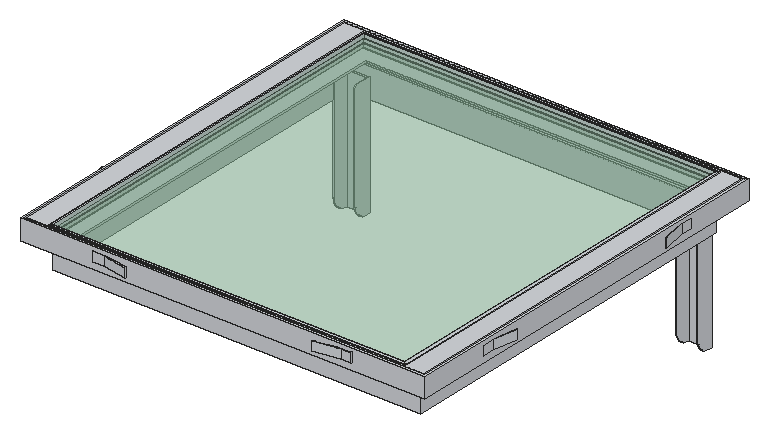
Revit family "gorter_WAG-1000-1000", category Generic Models, host Floor, Revit 2017
Family settings
  Host = Floor
  Can host rebar = No
  Round Connector Dimension = Use Diameter
  Part Type = Normal
  Always vertical = Yes
  Cut with Voids When Loaded = No
  Shared = Yes
  Room Calculation Point = No
Parameters (values of type "WAG-1000-1000")
  kitvoeg = none
  glasplaat = Glass
  frame = none
  WAG-1000-2000 (ankers) = A = 2000 mm  # no
  C = 400 mm
  B = 1000 mm
  A = 1000 mm
Types (3, lengths in mm): name | WAG-1000-2000 (ankers) | A
  (no name) | no | 1000
  WAG-1000-2000 | yes | 2000
  WAG-1000-1000 | no | 1000
Reference planes
  plane 1 "Center (Front/Back)": y = 0
  plane 2: z = 0
  plane 3 "Center (Left/Right)": x = 0
  plane 4: y = 500
  plane 5: y = -500
  plane 6: x = -500
  plane 7: x = 500
  plane 8: z = -400
  plane 9: x = -555
  plane 10: y = 555
  plane 11: x = 555
  plane 12: y = -555
  plane 13: x = -532.5
  plane 14: x = 532.5
  plane 15: y = 532.5
  plane 16: y = -532.5
  plane 17: z = -32.5
  plane 18: z = -39
  plane 19: z = -22.5
  plane 20: z = -21
  plane 21: z = -11
  plane 22: z = -9.5
  plane 23: z = 0.5
  plane 24: x = -482.5
  plane 25: x = 482.5
  plane 26: x = 505
  plane 27: y = 505
  plane 28: x = -505
  plane 29: y = -505
  plane 30: z = -75
  plane 31: x = 440
  plane 32: x = -440
  plane 33: y = 355
  plane 34: z = -10
  plane 35: y = -355
  plane 36: x = 355
  plane 37: x = -355
  plane 38: x = 355
  plane 39: x = -355
Forms (mm)
  Extrusion 1, void
    sketch origin (0, 0, 0) x (1, 0, 0) y (0, 1, 0)
      loop
        line (-505, 505) -> (-505, -505) -> (505, -505) -> (505, 505) -> (-505, 505)
    from -400 to 0
  Sweep 2, solid, material <- "frame"
    path origin (0, 0, 0) x (1, 0, 0) y (0, 1, 0)
      loop
        line (-500, 500) -> (-500, -500) -> (500, -500) -> (500, 500) -> (-500, 500)
    profile "WAG_randprofiel : WAG_randprofiel" origin (-500, 0, 0) x (-1, 0, 0) y (0, 0, 1)
      loop
        line (0, -50) -> (0, -130) -> (5, -130) -> (5, -55) -> (55, -55) -> (55, 0) -> (50, 0) -> (50, -50) -> (0, -50)
  Sweep 3, void
    path origin (0, 0, 0) x (1, 0, 0) y (0, 1, 0)
      loop
        line (-500, 500) -> (-500, -500) -> (500, -500) -> (500, 500) -> (-500, 500)
    profile origin (-500, 0, 0) x (-1, 0, 0) y (0, 0, 1)
      loop
        line (0, 0) -> (0, -130) -> (55, -130) -> (55, 0) -> (0, 0)
  Sweep 4, solid, material <- "frame"
    path origin (0, 0, 0) x (1, 0, 0) y (0, 1, 0)
      loop
        line (-450, 500) -> (-450, -500) -> (450, -500) -> (450, 500) -> (-450, 500)
    profile "WAG_binnenprofiel : WAG_binnenprofiel" origin (-450, 0, 0) x (-1, 0, 0) y (0, 0, 1)
      loop
        line (0, -39) -> (0, -44) -> (45, -44) -> (45, 0) -> (40, 0) -> (40, -39) -> (0, -39)
  Sweep 5, solid, material <- "kitvoeg"
    path origin (0, 0, 0) x (1, 0, 0) y (0, 1, 0)
      loop
        line (450, 500) -> (-450, 500) -> (-450, -500) -> (450, -500) -> (450, 500)
    profile "WAG_kitvoeg : WAG_kitvoeg" origin (-450, 0, 0) x (1, 0, 0) y (0, 0, 1)
      loop
        line (-32.5, 0.388) -> (-40, 0) -> (-40, -9.56) -> (-32.5, -9.56) -> (-32.5, 0.388)
  Extrusion 6, solid, material "Glass" <- "glasplaat"
    sketch origin (0, 0, 0) x (1, 0, 0) y (0, 1, 0)
      loop
        line (-482.5, 532.5) -> (-482.5, -532.5) -> (482.5, -532.5) -> (482.5, 532.5) -> (-482.5, 532.5)
    from -32.5 to -22.5
  Extrusion 7, solid, material "Glass" <- "glasplaat"
    sketch origin (0, 0, 12.439) x (1, 0, 0) y (0, 1, 0)
      loop
        line (-482.5, 532.5) -> (-482.5, -532.5) -> (482.5, -532.5) -> (482.5, 532.5) -> (-482.5, 532.5)
    from -33.439 to -23.439
  Extrusion 8, solid, material "Glass" <- "glasplaat"
    sketch origin (3.081, 0, 23.939) x (1, 0, 0) y (0, 1, 0)
      loop
        line (-485.581, 532.5) -> (-485.581, -532.5) -> (479.419, -532.5) -> (479.419, 532.5) -> (-485.581, 532.5)
    from -33.439 to -23.439
  Extrusion 9, solid, material <- "frame"
    sketch origin (0, 0, 0) x (1, 0, 0) y (0, 1, 0)
      loop
        line (-495, 545) -> (-545, 545) -> (-545, -545) -> (-495, -545) -> (-495, 545)
    from -44 to 0
  Extrusion 10, solid, material <- "frame"
    sketch origin (0, 0, 0) x (-1, 0, 0) y (0, -1, 0)
      loop
        line (-495, -545) -> (-495, 545) -> (-545, 545) -> (-545, -545) -> (-495, -545)
    from -44 to 0
  Extrusion 11, solid, material <- "frame"
    sketch origin (-505, 2233.875, 4000) x (0, 1, 0) y (0, 0, 1)
      loop
        line (-1743.875, -4410) -> (-1733.875, -4410) -> (-1733.875, -4075) -> (-1773.875, -4075)
        arc (-1773.875, -4075) -> (-1780.946, -4077.929) -> (-1783.875, -4085) r 10
        line (-1783.875, -4085) -> (-1783.875, -4370)
        arc (-1783.875, -4370) -> (-1772.16, -4398.284) -> (-1743.875, -4410) r 40
    from 945 to 1005
  Extrusion 12, void
    sketch origin (0, 0, 0) x (1, 0, 0) y (0, 1, 0)
      loop
        line (443, 492) -> (443, 450) -> (497, 450) -> (497, 492) -> (443, 492)
    from -410 to -75
  Extrusion 13, solid, material <- "frame"
    sketch origin (505, 2233.875, 4000) x (0, 1, 0) y (0, 0, -1)
      loop
        arc (-1743.875, 4410) -> (-1772.16, 4398.284) -> (-1783.875, 4370) r 40
        line (-1783.875, 4370) -> (-1783.875, 4085)
        arc (-1783.875, 4085) -> (-1780.946, 4077.929) -> (-1773.875, 4075) r 10
        line (-1773.875, 4075) -> (-1733.875, 4075) -> (-1733.875, 4410) -> (-1743.875, 4410)
    from 945 to 1005
  Extrusion 14, void
    sketch origin (0, 0, 0) x (-1, 0, 0) y (0, -1, 0)
      loop
        line (443, -492) -> (497, -492) -> (497, -450) -> (443, -450) -> (443, -492)
    from -410 to -75
Cuts and joins
  Extrusion 12 cuts Sweep 4
  Extrusion 12 cuts Extrusion 9
  Extrusion 12 cuts Extrusion 10
  joined: Sweep 4, Extrusion 9, Extrusion 10
  Extrusion 12 cuts Sweep 5
  Extrusion 12 cuts Extrusion 8
  Extrusion 12, Extrusion 14 cuts Extrusion 11
  Extrusion 14 cuts Extrusion 13
Lines and regions (mm)
  model lines, style "glasgebied"
    curve 1: line (-400, 490, 0.5) -> (400, 490, 0.5)
    curve 2: line (-440, -450, 0.5) -> (-440, 450, 0.5)
    curve 3: line (400, -490, 0.5) -> (-400, -490, 0.5)
    curve 4: line (440, 450, 0.5) -> (440, -450, 0.5)
    curve 5: arc (-400, 490, 0.5) -> (-428.284, 478.284, 0.5) -> (-440, 450, 0.5) r 40
    curve 6: arc (400, 490, 0.5) -> (428.284, 478.284, 0.5) -> (440, 450, 0.5) r 40
    curve 7: arc (400, -490, 0.5) -> (428.284, -478.284, 0.5) -> (440, -450, 0.5) r 40
    curve 8: arc (-400, -490, 0.5) -> (-428.284, -478.284, 0.5) -> (-440, -450, 0.5) r 40
  model lines, style "draairichting"
    curve 9: line (-545, 545, 0.5) -> (0, -545, 0.5)
    curve 10: line (0, -545, 0.5) -> (550, 550, 0.5)
Dimensions and locks
  equal spacing: plane 6, plane 3 "Center (Left/Right)", plane 7
  "A": plane 6 to plane 7
  equal spacing: plane 5, plane 1 "Center (Front/Back)", plane 4
  "B": plane 5 to plane 4
  "C": level to plane 8
  locked: plane 12 to plane 5 at 55
  locked: plane 9 to plane 6 at 55
  locked: plane 7 to plane 11 at 55
  locked: plane 10 to plane 4 at 55
  locked: plane 16 to plane 5 at 32.5
  locked: plane 15 to plane 4 at 32.5
  locked: plane 13 to plane 6 at 32.5
  locked: plane 7 to plane 14 at 32.5
  locked: level to plane 18 at 39
  plane 23 to plane 22 to plane 21 to plane 20 to plane 19 to plane 17 to plane 18 = 10 mm locked, 1.5 mm locked, 10 mm locked, 1.5 mm locked, 10 mm locked, 6.5 mm locked
  locked: plane 9 to plane 24 at 72.5
  locked: Sweep 5 sketch curve to plane 7 at 50
  locked: plane 6 to Sweep 5 sketch curve at 50
  Sweep 2 to Sweep 5 = 65 mm
  locked: plane 25 to plane 11 at 72.5
  locked: plane 6 to Sweep 4 sketch curve at 50
  locked: Sweep 4 sketch curve to plane 7 at 50
  locked: plane 9 to Extrusion 9 sketch curve at 10
  locked: plane 10 to Extrusion 9 sketch curve at 10
  locked: Extrusion 9 sketch curve to plane 12 at 10
  locked: plane 9 to Sweep 4 at 60
  locked: plane 9 to Extrusion 9 sketch curve at 60
  locked: plane 10 to Extrusion 10 sketch curve at 10
  locked: Extrusion 10 sketch curve to plane 12 at 10
  locked: Extrusion 10 sketch curve to plane 11 at 10
  locked: Extrusion 10 sketch curve to plane 11 at 60
  Extrusion 10 sketch curve to plane 11 = 10 mm
  locked: plane 12 to plane 29 at 50
  locked: plane 10 to plane 27 at 50
  locked: plane 9 to plane 28 at 50
  locked: plane 26 to plane 11 at 50
  Sweep 2 to plane 30 = 25 mm
  locked: level to plane 30 at 75
  plane 7 to plane 31 = 60 mm
  locked: Extrusion 11 sketch curve to plane 30 at 335
  plane 4 to Extrusion 12 sketch curve = 8 mm
  locked: plane 31 to Extrusion 12 sketch curve at 3
  locked: Extrusion 12 sketch curve to plane 7 at 3
  locked: plane 32 to plane 6 at 60
  locked: Extrusion 13 sketch curve to plane 30 at 335
  locked: Extrusion 13 sketch curve to Extrusion 13 sketch curve at 50
  plane 4 to cut or joined group of Extrusion 13, Extrusion 14 = 8 mm
  locked: plane 4 to Extrusion 14 sketch curve at 8
  locked: plane 6 to Extrusion 14 sketch curve at 3
  locked: Extrusion 14 sketch curve to plane 32 at 3
  Extrusion 14 to plane 6 = 57 mm
  plane 10 to plane 33 = 200 mm
  locked: level to plane 34 at 10
  locked: plane 12 to plane 35 at 200
  locked: plane 36 to plane 11 at 200
  locked: plane 9 to plane 37 at 200
  locked: plane 3 "Center (Left/Right)" to plane 38 at 355
  locked: plane 39 to plane 3 "Center (Left/Right)" at 355
  aligned and locked: level to plane 2
  aligned and locked: Extrusion 1 to plane 8
  aligned and locked: level to Extrusion 1
  aligned and locked: Sweep 2 sketch curve to plane 4
  aligned and locked: plane 6 to Sweep 2 sketch curve
  aligned and locked: Sweep 2 sketch curve to plane 5
  aligned and locked: Sweep 2 sketch curve to plane 7
  aligned and locked: Sweep 3 sketch curve to Sweep 2  (x5)
  aligned and locked: Sweep 3 sketch curve to plane 9
  aligned and locked: plane 6 to Sweep 3 sketch curve
  aligned and locked: plane 2 to Sweep 3 sketch curve
  aligned and locked: Sweep 2 to Sweep 4 sketch curve  (x2)
  aligned and locked: Sweep 5 sketch curve to Sweep 2  (x2)
  aligned and locked: Extrusion 6 sketch curve to Sweep 5
  aligned and locked: Sweep 5 to Extrusion 6 sketch curve
  aligned and locked: Extrusion 6 to plane 17
  aligned and locked: Extrusion 6 to plane 19
  aligned and locked: Extrusion 7 to plane 21
  aligned and locked: Extrusion 7 to plane 20
  aligned and locked: Extrusion 7 sketch curve to plane 15
  aligned and locked: Extrusion 7 sketch curve to plane 16
  aligned and locked: Extrusion 8 to plane 22
  aligned and locked: Extrusion 8 to plane 23
  aligned and locked: Extrusion 8 sketch curve to plane 16
  aligned and locked: Extrusion 8 sketch curve to plane 15
  aligned and locked: plane 25 to Extrusion 6 sketch curve
  aligned and locked: plane 24 to Extrusion 6 sketch curve
  aligned and locked: plane 24 to Extrusion 7 sketch curve
  aligned and locked: plane 25 to Extrusion 7 sketch curve
  aligned and locked: plane 24 to Extrusion 8 sketch curve
  aligned and locked: plane 25 to Extrusion 8 sketch curve
  aligned and locked: Extrusion 9 to Sweep 4
  aligned and locked: level to Extrusion 9
  aligned and locked: level to Extrusion 10
  aligned and locked: cut or joined group of Sweep 4, Extrusion 9, Extrusion 10, Extrusion 12 to Extrusion 10
  aligned and locked: Extrusion 1 sketch curve to plane 26
  aligned and locked: Extrusion 1 sketch curve to plane 27
  aligned and locked: plane 28 to Extrusion 1 sketch curve
  aligned and locked: Extrusion 1 sketch curve to plane 29
  aligned and locked: Extrusion 11 to plane 7
  aligned and locked: Extrusion 11 to plane 31
  aligned and locked: plane 7 to Extrusion 11
  aligned and locked: Extrusion 11 sketch curve to plane 4
  aligned and locked: plane 30 to Extrusion 11 sketch curve
  aligned and locked: curve 4 to Extrusion 12
  aligned and locked: Extrusion 12 to plane 30
  aligned and locked: cut or joined group of Extrusion 11, Extrusion 12, Extrusion 14 to Extrusion 12
  aligned and locked: plane 32 to Extrusion 13
  aligned and locked: Extrusion 13 sketch curve to plane 30
  aligned and locked: Extrusion 13 sketch curve to plane 4
  aligned and locked: cut or joined group of Extrusion 13, Extrusion 14 to Extrusion 14
  aligned and locked: cut or joined group of Sweep 4, Extrusion 9, Extrusion 10, Extrusion 12 to curve 9
  aligned and locked: curve 9 to cut or joined group of Sweep 4, Extrusion 9, Extrusion 10, Extrusion 12
  aligned and locked: Sweep 2 to curve 10
  aligned and locked: curve 10 to Sweep 2
  aligned and locked: cut or joined group of Sweep 4, Extrusion 9, Extrusion 10, Extrusion 12 to curve 10
  aligned and locked: plane 3 "Center (Left/Right)" to curve 10
  aligned and locked: cut or joined group of Extrusion 13, Extrusion 14 to plane 6
  aligned and locked: nested 1 to plane 11
  aligned and locked: nested 1 to plane 33
  aligned and locked: plane 34 to nested 1  (x2)
  aligned and locked: nested 2 to plane 9
  aligned and locked: plane 33 to nested 2
  aligned and locked: plane 35 to nested 3
  aligned and locked: nested 4 to plane 35
  aligned and locked: plane 11 to nested 3
  aligned and locked: plane 11 to nested 1
  aligned and locked: nested 3 to plane 34  (x2)
  aligned and locked: plane 34 to nested 3
  aligned and locked: plane 34 to nested 4  (x3)
  aligned and locked: nested 2 to plane 34  (x2)
  aligned and locked: plane 34 to nested 2
  aligned and locked: plane 10 to nested 5
  aligned and locked: plane 36 to nested 5
  aligned and locked: nested 6 to plane 10
  aligned and locked: nested 6 to plane 37
  aligned and locked: plane 34 to nested 6
  aligned and locked: nested 5 to plane 34
  aligned and locked: plane 12 to nested 7
  aligned and locked: nested 8 to plane 12
  aligned and locked: plane 37 to nested 8
  aligned and locked: nested 7 to plane 36
  aligned and locked: plane 34 to nested 7
  aligned and locked: nested 8 to plane 34
  aligned and locked: plane 9 to nested 4
  aligned and locked: plane 38 to nested 9
  aligned and locked: plane 10 to nested 9
  aligned and locked: nested 10 to plane 10
  aligned and locked: nested 10 to plane 39
  aligned and locked: plane 34 to nested 10
  aligned and locked: nested 9 to plane 34
  aligned and locked: plane 12 to nested 11
  aligned and locked: nested 11 to plane 38
  aligned and locked: nested 12 to plane 12
  aligned and locked: plane 39 to nested 12
  aligned and locked: nested 12 to plane 34
  aligned and locked: plane 34 to nested 11
Automatic sketch dimensions
  curve 2 to Extrusion 8 = 42.5 mm
  curve 3 to Extrusion 8 = 42.5 mm
  curve 8 to curve 3 = 40 mm
  curve 5 to curve 5 = 40 mm
  curve 1 to Extrusion 8 = 82.5 mm
  curve 7 to Extrusion 8 = 82.5 mm
  curve 7 to curve 4 = 40 mm
  Extrusion 11 sketch curve to plane 4 = 10 mm
  plane 30 to Extrusion 11 sketch curve = 10 mm
  Extrusion 11 sketch curve to plane 4 = 40 mm
  Extrusion 12 sketch curve to Extrusion 12 sketch curve = 42 mm
  Extrusion 13 sketch curve to Extrusion 13 sketch curve = 10 mm
  Extrusion 13 sketch curve to plane 4 = 10 mm
  plane 4 to Extrusion 14 sketch curve = 50 mm
Nested families
  nested 1: "WAG_klemstrip" at (555, 355, -35), type "WAG_klemstrip"
  nested 2: "WAG_klemstrip" at (-555, 355, -35) x (-1, 0, 0) z (0, 0, 1), type "WAG_klemstrip"
  nested 3: "WAG_klemstrip" at (555, -355, -35), type "WAG_klemstrip"
  nested 4: "WAG_klemstrip" at (-555, -355, -35) x (-1, 0, 0) z (0, 0, 1), type "WAG_klemstrip"
  nested 5: "WAG_klemstrip" at (355, 555, -35) x (0, 1, 0) z (0, 0, 1), type "WAG_klemstrip"
  nested 6: "WAG_klemstrip" at (-355, 555, -35) x (0, 1, 0) z (0, 0, 1), type "WAG_klemstrip"
  nested 7: "WAG_klemstrip" at (355, -555, -35) x (0, -1, 0) z (0, 0, 1), type "WAG_klemstrip"
  nested 8: "WAG_klemstrip" at (-355, -555, -35) x (0, -1, 0) z (0, 0, 1), type "WAG_klemstrip"
  nested 9: "WAG_klemstrip" at (355, 555, -35) x (0, 1, 0) z (0, 0, 1), visible <- "WAG-1000-2000 (ankers)", type "WAG_klemstrip"
  nested 10: "WAG_klemstrip" at (-355, 555, -35) x (0, 1, 0) z (0, 0, 1), visible <- "WAG-1000-2000 (ankers)", type "WAG_klemstrip"
  nested 11: "WAG_klemstrip" at (355, -555, -35) x (0, -1, 0) z (0, 0, 1), visible <- "WAG-1000-2000 (ankers)", type "WAG_klemstrip"
  nested 12: "WAG_klemstrip" at (-355, -555, -35) x (0, -1, 0) z (0, 0, 1), visible <- "WAG-1000-2000 (ankers)", type "WAG_klemstrip"
Definition of nested family "WAG_klemstrip"
  Reference planes
    plane 1 "Center (Front/Back)": y = 0
    plane 2: z = 0
    plane 3 "Center (Left/Right)": x = 0
    plane 4: z = 25
  Forms (mm)
    Extrusion 1, solid
      sketch origin (0, 0, 0) x (1, 0, 0) y (0, 1, 0)
        loop
          line (0, 0) -> (2, 0) -> (2, 29.825) -> (14.125, 98.589) -> (12.155, 98.937) -> (0, 30) -> (0, 0)
      from 0 to 25
  Dimensions and locks
    locked: plane 4 to level at 25
    aligned and locked: level to plane 2
    aligned and locked: plane 4 to Extrusion 1
